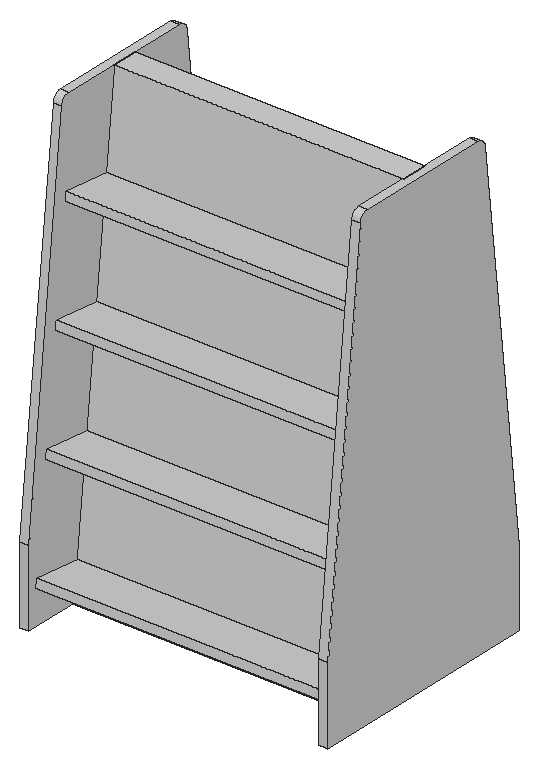
Revit family "SG", category Specialty Equipment, Revit 2012
Parameters (values of type "Multiple Media Fixture (Default)")
  Width = 3' - 0"
  URL = "http://madixinc.com/display/freestanding.html"
  Model = "Multiple Media Fixture"
  Manufacturer = "© 2012 Madix, Inc. All rights reserved."
  Height = 4' - 6"
  Depth = 2' - 6"
Reference planes (in)
  plane 1 "Center (Front/Back)": y = 0
  plane 2: z = 0
  plane 3 "Center (Left/Right)": x = 0
  plane 4: x = -18
  plane 5: x = 18
  plane 6: z = 54
  plane 7: y = 15
  plane 8: y = -15
  plane 9: x = -17
  plane 10: x = 17
  plane 11: y = 8.11111
  plane 12: y = -8.11111
Forms (in)
  Extrusion 1, solid, material "Metal - Steel"
    sketch origin (0, 0, 0) x (0, 1, 0) y (0, 0, -1)
      loop
        line (9.11111, -53) -> (14, -9) -> (14, 0) -> (-14, 0) -> (-14, -9.00625) -> (-9.11571, -52.9954)
        arc (-9.11571, -52.9954) -> (-8.82147, -53.70576) -> (-8.11111, -54) r 1.0046
        line (-8.11111, -54) -> (8.11111, -54)
        arc (8.11111, -54) -> (8.81822, -53.70711) -> (9.11111, -53) r 1
    from 17 to 18
  Extrusion 2, solid, material "Metal - Steel"
    sketch origin (0, 0, 0) x (0, 1, 0) y (0, 0, 1)
      loop
        line (-7.11167, 3.49495) -> (-7.5, 0) -> (7.5, 0) -> (7.11167, 3.49495) -> (13.07534, 4.15712) -> (12.96499, 5.15102) -> (7.00129, 4.48838) -> (5.67611, 16.41499) -> (11.63981, 17.07762) -> (11.52938, 18.0715) -> (5.56568, 17.40887) -> (4.2405, 29.33548) -> (10.2042, 29.99811) -> (10.09377, 30.99199) -> (4.13007, 30.32936) -> (2.80489, 42.25597) -> (8.7695, 42.9187) -> (8.65906, 43.91258) -> (2.69446, 43.24985) -> (1.5, 54) -> (-1.5, 54) -> (-2.69446, 43.24985) -> (-8.65906, 43.91258) -> (-8.7695, 42.9187) -> (-2.80489, 42.25597) -> (-4.13007, 30.32936) -> (-10.09377, 30.99199) -> (-10.2042, 29.99811) -> (-4.2405, 29.33548) -> (-5.56568, 17.40887) -> (-11.52938, 18.0715) -> (-11.63981, 17.07762) -> (-5.67611, 16.41499) -> (-7.00129, 4.48838) -> (-12.96499, 5.15102) -> (-13.07534, 4.15712) -> (-7.11167, 3.49495)
    from -17 to 17
  Extrusion 3, solid, material "Metal - Steel"
    sketch origin (0, 0, 0) x (0, 1, 0) y (0, 0, 1)
      loop
        arc (9.11111, 53) -> (8.81822, 53.70711) -> (8.11111, 54) r 1
        line (8.11111, 54) -> (-8.11111, 54)
        arc (-8.11111, 54) -> (-8.82147, 53.70576) -> (-9.11571, 52.9954) r 1.0046
        line (-9.11571, 52.9954) -> (-14, 9.00625) -> (-14, 0) -> (14, 0) -> (14, 9) -> (9.11111, 53)
    from 17 to 18
Dimensions and locks (in)
  "Height": plane 6 to level
  equal spacing: plane 4, plane 3 "Center (Left/Right)", plane 5
  "Width": plane 4 to plane 5
  locked: plane 4 to plane 9 at 1
  locked: plane 10 to plane 5 at 1
  locked: plane 12 to plane 8 at 6.88889
  locked: plane 7 to plane 11 at 6.88889
  aligned and locked: level to plane 2
  aligned and locked: Extrusion 2 to plane 9
  aligned and locked: plane 9 to Extrusion 1
  aligned and locked: Extrusion 1 to plane 4
Automatic sketch dimensions
  Extrusion 1 sketch curve to level = 0' - 0"
  Extrusion 1 sketch curve to plane 6 = 0' - 0"
  Extrusion 1 sketch curve to plane 12 = 0' - 0"
  Extrusion 1 sketch curve to plane 11 = 0' - 0"
  Extrusion 1 sketch curve to Extrusion 1 sketch curve = 0' - 1.0046"
  plane 8 to Extrusion 1 sketch curve = 0' - 1"
  Extrusion 1 sketch curve to plane 6 = 0' - 1"
  plane 7 to Extrusion 1 sketch curve = 0' - 1"
  level to Extrusion 1 sketch curve = 0' - 9.00625"
  level to Extrusion 1 sketch curve = 0' - 9"
  Extrusion 2 sketch curve to level = 0' - 0"
  Extrusion 2 sketch curve to plane 6 = 0' - 0"
  plane 8 to Extrusion 2 sketch curve = 0' - 1.92466"
  Extrusion 2 sketch curve to Extrusion 2 sketch curve = 0' - 0.11036"  (x2)
  plane 8 to Extrusion 2 sketch curve = 0' - 3.36019"
  Extrusion 2 sketch curve to Extrusion 2 sketch curve = 0' - 0.11043"  (x10)
  plane 12 to Extrusion 2 sketch curve = 0' - 2.09309"
  plane 12 to Extrusion 2 sketch curve = 0' - 0.65839"
  plane 12 to Extrusion 2 sketch curve = 0' - 0.54795"
  Extrusion 2 sketch curve to plane 12 = 0' - 0.61111"
  Extrusion 2 sketch curve to plane 12 = 0' - 0.99944"
  Extrusion 2 sketch curve to Extrusion 2 sketch curve = 0' - 0.11038"
  Extrusion 2 sketch curve to plane 12 = 0' - 2.435"
  Extrusion 2 sketch curve to plane 12 = 0' - 3.87061"
  plane 1 "Center (Front/Back)" to Extrusion 2 sketch curve = 0' - 2.80489"
  plane 1 "Center (Front/Back)" to Extrusion 2 sketch curve = 0' - 1 1/2"
  Extrusion 2 sketch curve to plane 1 "Center (Front/Back)" = 0' - 1 1/2"
  Extrusion 2 sketch curve to plane 1 "Center (Front/Back)" = 0' - 2.69446"
  plane 11 to Extrusion 2 sketch curve = 0' - 3.98104"
  plane 11 to Extrusion 2 sketch curve = 0' - 2.54543"
  plane 11 to Extrusion 2 sketch curve = 0' - 1.10982"
  plane 11 to Extrusion 2 sketch curve = 0' - 0.99944"
  plane 11 to Extrusion 2 sketch curve = 0' - 0.61111"
  Extrusion 2 sketch curve to plane 11 = 0' - 0.54795"
  Extrusion 2 sketch curve to plane 11 = 0' - 0.65839"
  Extrusion 2 sketch curve to plane 11 = 0' - 1.98265"
  Extrusion 2 sketch curve to plane 11 = 0' - 3.41826"
  plane 7 to Extrusion 2 sketch curve = 0' - 2.03501"
  level to Extrusion 2 sketch curve = 0' - 3.49495"  (x2)
  level to Extrusion 2 sketch curve = 0' - 4.15712"  (x2)
  Extrusion 3 sketch curve to level = 0' - 0"
  Extrusion 3 sketch curve to plane 6 = 0' - 0"
  Extrusion 3 sketch curve to plane 12 = 0' - 0"
  Extrusion 3 sketch curve to plane 11 = 0' - 0"
  Extrusion 3 sketch curve to Extrusion 3 sketch curve = 0' - 1.0046"
  plane 8 to Extrusion 3 sketch curve = 0' - 1"
  Extrusion 3 sketch curve to plane 6 = 0' - 1"
  plane 7 to Extrusion 3 sketch curve = 0' - 1"
  Extrusion 3 sketch curve to Extrusion 3 sketch curve = 0' - 9"
  Extrusion 3 sketch curve to Extrusion 3 sketch curve = 0' - 9.00625"
